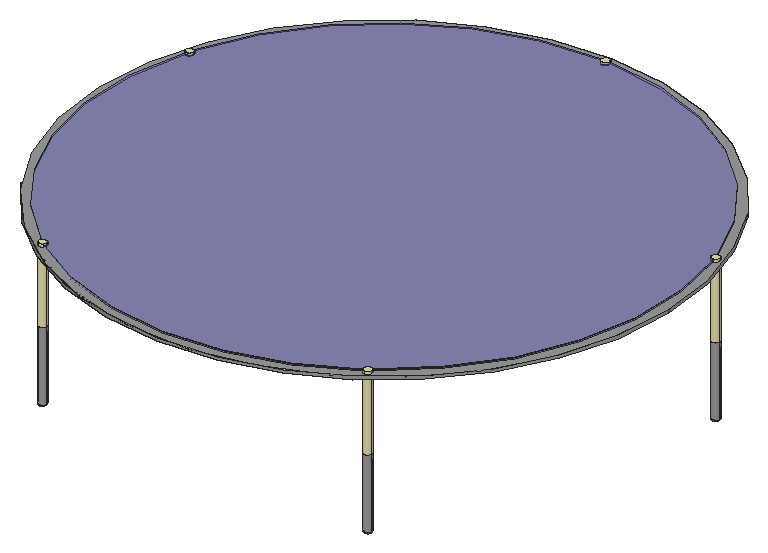
Revit family "ERA Table 90", category Arredi, Revit 2015
Parameters
  URL = "http://www.livingdivani.it"
  Modello = "ERA Table"
  Mat. Piano 2 = Vetro
  Mat. Piano 1 = Satinato
  Mat. Opaco = Liscia - Nero
  Mat. Metallico = Ottone
  Produttore = "LivingDivani"
  Codice Prodotto = "ERAV090R"
Reference planes (cm)
  plane 1 "Centro (Fronte/Retro)": y = 0
  plane 2: z = 0
  plane 3 "Centro (Sinistra/Destra)": x = 0
  plane 4 "laterale superiore": y = 43.75
  plane 5 "laterale sx 2": x = -41.6087
  plane 6 "laterale dx 2": x = 41.6087
  plane 7 "sopra piano appoggio": z = 23
  plane 8 "sotto piano appoggio": z = 22.2
  plane 9 "laterale sx 1": x = -25.7156
  plane 10 "laterale dx 1": x = 25.7156
  plane 11 "laterale intermedio": y = 13.5195
  plane 12 "laterale inferiore": y = -35.3945
Forms (cm)
  Extrusion 1, solid, material "Satinato" <- "Mat. Piano 1"
    sketch origin (0, 0, 22.2) x (-1, 0, 0) y (0, -1, 0)
      loop
        circle (0, 0) r 45
    from 0 to 0.5
  Extrusion 2, solid, material "Vetro" <- "Mat. Piano 2"
    sketch origin (0, 0, 23) x (-1, 0, 0) y (0, -1, 0)
      loop
        arc (-0.625, -43.7455) -> (0, -43.125) -> (0.625, -43.7455) r 0.625
        arc (0.625, -43.7455) -> (25.7156, -35.3945) -> (41.4113, -14.1125) r 43.75
        arc (41.4113, -14.1125) -> (41.0143, -13.3264) -> (41.7976, -12.9237) r 0.625
        arc (41.7976, -12.9237) -> (41.6087, 13.5195) -> (26.2186, 35.0235) r 43.75
        arc (26.2186, 35.0235) -> (25.3482, 34.8889) -> (25.2074, 35.7582) r 0.625
        arc (25.2074, 35.7582) -> (0, 43.75) -> (-25.2074, 35.7582) r 43.75
        arc (-25.2074, 35.7582) -> (-25.3482, 34.8889) -> (-26.2186, 35.0235) r 0.625
        arc (-26.2186, 35.0235) -> (-41.6087, 13.5195) -> (-41.7976, -12.9237) r 43.75
        arc (-41.7976, -12.9237) -> (-41.0143, -13.3264) -> (-41.4113, -14.1125) r 0.625
        arc (-41.4113, -14.1125) -> (-25.7156, -35.3945) -> (-0.625, -43.7455) r 43.75
    from -0.3 to 0
Dimensions and locks (cm)
  aligned and locked: level to plane 2
Nested families (cm)
  nested 1: "piede tavolo" at (0, 43.75, 0), type "h 23cm"
  nested 2: "piede tavolo" at (41.6087, 13.5195, 0), type "h 23cm"
  nested 3: "piede tavolo" at (25.7156, -35.3945, 0), type "h 23cm"
  nested 4: "piede tavolo" at (-25.7156, -35.3945, 0), type "h 23cm"
  nested 5: "piede tavolo" at (-41.6087, 13.5195, 0), type "h 23cm"
Definition of nested family "piede tavolo"
  Parameters (values of type "h 23cm")
    h3 = h0 - 0.3 cm  # 21.9 cm
    h2 = 10.9 cm
    h1 = h0 - h2 - 0.4 cm  # 10.9 cm
    h0 = h tot - 0.8 cm  # 22.2 cm
    h tot = 23 cm
    Mat. Opaco = none
    Mat. Metallico = none
  Types (5, lengths in cm): name | h3 | h1 | h0 | h tot
    (no name) | 21.9 | 10.9 | 22.2 | 23
    h 23cm | 21.9 | 10.9 | 22.2 | 23
    h 35cm | 33.9 | 22.9 | 34.2 | 35
    h 45cm | 43.9 | 32.9 | 44.2 | 45
    h 50cm | 48.9 | 37.9 | 49.2 | 50
  Reference planes (cm)
    plane 1 "Centro (Fronte/Retro)": y = 0
    plane 2: z = 0
    plane 3 "Centro (Sinistra/Destra)": x = 0
    plane 4 "sopra piano appoggio": z = 23
    plane 5 "sotto piano appoggio": z = 22.2
  Forms (cm)
    Extrusion 1, solid, material <- "Mat. Metallico"
      sketch origin (0, 58.75, 23) x (-1, 0, 0) y (0, -1, 0)
        loop
          circle (0, 58.75) r 0.6
      from -0.3 to 0
    Extrusion 2, solid, material <- "Mat. Metallico"
      sketch origin (0, 0, 22.2) x (-1, 0, 0) y (0, -1, 0)
        loop
          circle (0, 0) r 0.55
      from 0 to -21.9
    Extrusion 3, solid, material <- "Mat. Opaco"
      sketch origin (0, 58.75, 0) x (1, 0, 0) y (0, 1, 0)
        loop
          circle (0, -58.75) r 0.6
      from 0 to 0.3
    Revolve 4, void
      sketch origin (0, 58.75, 0) x (0, 1, 0) y (0, 0, 1)
        loop
          line (-59.35, 0) -> (-59.05, 0)
          arc (-59.05, 0) -> (-59.2621, 0.0879) -> (-59.35, 0.3) r 0.3
          line (-59.35, 0.3) -> (-59.35, 0)
        axis (-58.75, 0) -> (-58.75, 0.3)
      angle from 0 to 360
    Extrusion 5, solid, material <- "Mat. Opaco"
      sketch origin (0, 58.75, 0) x (1, 0, 0) y (0, 1, 0)
        loop
          circle (0, -58.75) r 0.6
        loop
          circle (0, -58.75) r 0.55
      from 0.3 to 11.2
    Extrusion 6, solid, material <- "Mat. Metallico"
      sketch origin (0, 58.75, 0) x (1, 0, 0) y (0, 1, 0)
        loop
          circle (0, -58.75) r 0.6
        loop
          circle (0, -58.75) r 0.55
      from 11.3 to 22.2
  Cuts and joins
    Revolve 4 cuts Extrusion 3
    joined: Extrusion 2, Extrusion 6
  Dimensions and locks (cm)
    "h tot": plane 4 "sopra piano appoggio" to level
    "h0": plane 5 "sotto piano appoggio" to level
    "h1": Extrusion 5 to Extrusion 5
    "h2": plane 5 "sotto piano appoggio" to Extrusion 6
    "h3": plane 5 "sotto piano appoggio" to Extrusion 2
    aligned and locked: level to plane 2
    aligned and locked: plane 4 "sopra piano appoggio" to Extrusion 1
    aligned and locked: plane 5 "sotto piano appoggio" to Extrusion 2
    aligned and locked: plane 5 "sotto piano appoggio" to Extrusion 6
  Automatic sketch dimensions
    plane 1 "Centro (Fronte/Retro)" to Extrusion 1 sketch curve = 0 cm
    Extrusion 1 sketch curve to plane 3 "Centro (Sinistra/Destra)" = 0 cm
    plane 1 "Centro (Fronte/Retro)" to Extrusion 2 sketch curve = 0 cm
    Extrusion 2 sketch curve to plane 3 "Centro (Sinistra/Destra)" = 0 cm
    plane 1 "Centro (Fronte/Retro)" to Extrusion 3 sketch curve = 0 cm
    Extrusion 3 sketch curve to plane 3 "Centro (Sinistra/Destra)" = 0 cm
    Revolve 4 sketch curve to level = 0 cm  (x2)
    Revolve 4 sketch curve to plane 1 "Centro (Fronte/Retro)" = 0 cm
    plane 1 "Centro (Fronte/Retro)" to Revolve 4 sketch curve = 0.3 cm
    Revolve 4 sketch curve to Revolve 4 sketch curve = 0.3 cm
    Revolve 4 sketch curve to Revolve 4 sketch curve = 0.5061 cm
    Extrusion 5 sketch curve to Extrusion 5 sketch curve = 0 cm  (x2)
    plane 1 "Centro (Fronte/Retro)" to Extrusion 5 sketch curve = 0 cm
    Extrusion 5 sketch curve to plane 3 "Centro (Sinistra/Destra)" = 0 cm
    Extrusion 6 sketch curve to Extrusion 6 sketch curve = 0 cm  (x2)
    plane 1 "Centro (Fronte/Retro)" to Extrusion 6 sketch curve = 0 cm
    Extrusion 6 sketch curve to plane 3 "Centro (Sinistra/Destra)" = 0 cm
    radius of Extrusion 1 sketch curve = 0.6 cm
    radius of Extrusion 2 sketch curve = 0.55 cm
    radius of Extrusion 3 sketch curve = 0.6 cm
    radius of Extrusion 5 sketch curve = 0.6 cm
    radius of Extrusion 5 sketch curve = 0.55 cm
    radius of Extrusion 6 sketch curve = 0.6 cm
    radius of Extrusion 6 sketch curve = 0.55 cm
